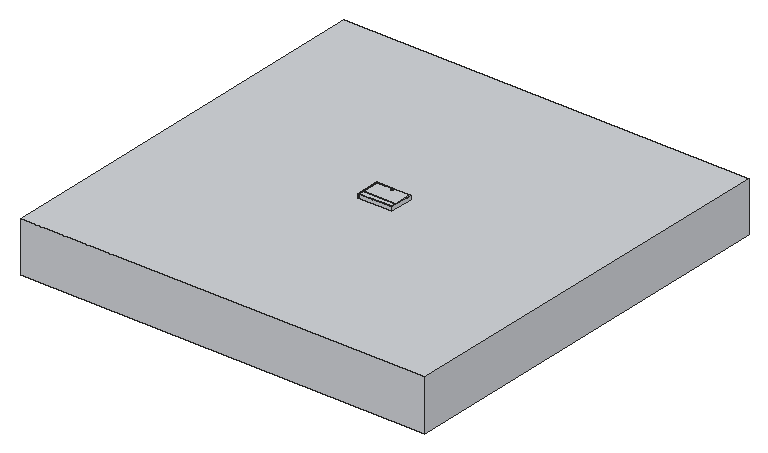
Revit family "BC_URMET_FC1719-1_LOD200", category Appareils de communication, Revit 2017
Family settings
  Hôte = Face
  Conserver l'orientation des annotations = Non
  Cote de connecteur circulaire = Utiliser le diamètre
  Type d'élément = Normal
  Numéro OmniClass = 23.85.50.14.21
  Titre OmniClass = Intercommunication Equipment
  Couper avec des vides une fois chargée = Non
  Partagée = Non
  Point de calcul de pièce = Non
Parameters (values of type "FC1719_1")
  Voyant coupure de sonnerie = yes
  Taille de l'écran  = "7\""
  Réglage du volume = yes
  Ouverture porte = yes
  Model = "FC1719_1"
  Longueur Hors Tout = 202 mm
  Largeur Hors Tout = 142 mm
  Fabricant = "URMET"
  Epaisseur Hors Tout = 23 mm
  Default Elevation = 1219.2 mm
  Description = "Ce moniteur vidéo couleur 7“” est conçu pour fonctionner avec le système d’interphonie bus 2 fils 2VOICE. Son utilisation est très agréable grâce à ces 4 touches affleurantes (muni d’un guide pour les malvoyants) et une touche mécanique centrale pour la prise de la communication. La fonction renvoi d’appel vers un smartphone est compatible avec l’ajout du module Callme 1083/58. De plus, il intègre 2 télécommandes domotiques YOKIS pour un contrôle d’éclairage, volet roulant ou autre (intégrable dans YNO pour une gestion de scénario complets). La fonction Mute peut également être utilisée en mode chronométré (désactivation automatiquement après 8 heures)."
  Type Comments = "FC1719_1"
  Code EAN = "8021156064120"
Reference planes
  plane 1 "Centre (avant/arrière)": y = 0
  plane 2: z = 0
  plane 3 "Centre (gauche/droite)": x = 0
  plane 4: y = 71
  plane 5: y = -71
  plane 6: x = -101
  plane 7: x = 101
  plane 8 "logo_bas": z = 22.1
  plane 9 "logo_haut": z = 23
Forms (mm)
  Extrusion 1, solid
    sketch origin (0, 0, 0) x (1, 0, 0) y (0, 1, 0)
      loop
        line (-1219.2, 1219.2) -> (-1219.2, -1219.2) -> (1219.2, -1219.2) -> (1219.2, 1219.2) -> (-1219.2, 1219.2)
    from 0 to -304.8
  Extrusion 2, solid
    sketch origin (0, 0, 0) x (1, 0, 0) y (0, 1, 0)
      loop
        line (-97.5, 67.5) -> (-97.5, -37.5) -> (97.5, -37.5) -> (97.5, 67.5) -> (-97.5, 67.5)
    from 0 to 23
  Extrusion 3, solid
    sketch origin (0, 0, 0) x (1, 0, 0) y (0, 1, 0)
      loop
        line (97.5, -67.5) -> (97.5, -38) -> (-97.5, -38) -> (-97.5, -67.5) -> (97.5, -67.5)
    from 0 to 23
  Sweep 4, solid
    path origin (0, 0, 0) x (1, 0, 0) y (0, 1, 0)
      loop
        line (-101, 71) -> (-101, -71) -> (101, -71) -> (101, 71) -> (-101, 71)
    profile origin (0, 71, 0) x (0, 1, 0) y (0, 0, 1)
      loop
        line (-3.5, 22) -> (-3.5, 0) -> (0, 0) -> (0, 22) -> (-3.5, 22)
  Extrusion 5, solid, material "Plastique Noir"
    sketch origin (0, 0, 22.1) x (-1, 0, 0) y (0, -1, 0)
      loop
        line (7.99, -61.432) -> (7.99, -57.913)
        arc (7.99, -57.913) -> (6.766, -56.689) -> (5.541, -57.913) r 1.224
        line (5.541, -57.913) -> (5.541, -61.432) -> (6.516, -61.432) -> (6.516, -57.905)
        arc (6.516, -57.905) -> (6.766, -57.655) -> (7.016, -57.905) r 0.25
        line (7.016, -57.905) -> (7.016, -61.432) -> (7.99, -61.432)
      loop
        line (3.336, -59.417) -> (2.388, -59.417) -> (2.388, -60.729)
        arc (2.388, -60.729) -> (2.556, -61.185) -> (2.979, -61.423) r 0.702
        arc (2.979, -61.423) -> (3.449, -61.377) -> (3.836, -61.106) r 0.931
        line (3.836, -61.106) -> (3.836, -60.217)
        arc (3.836, -60.217) -> (3.586, -60.467) -> (3.336, -60.217) r 0.25
        line (3.336, -60.217) -> (3.336, -59.417)
      loop
        line (-0.947, -56.732) -> (-1.895, -56.732) -> (-1.895, -60.729)
        arc (-1.895, -60.729) -> (-1.727, -61.185) -> (-1.304, -61.423) r 0.702
        arc (-1.304, -61.423) -> (-0.882, -61.369) -> (-0.556, -61.096) r 0.755
        line (-0.556, -61.096) -> (0.934, -60.442) -> (0.934, -61.432) -> (1.915, -61.432) -> (1.915, -56.732) -> (0.967, -56.732) -> (0.967, -60.217)
        arc (0.967, -60.217) -> (0.717, -60.467) -> (0.467, -60.217) r 0.25
        line (0.467, -60.217) -> (0.467, -56.732) -> (-0.447, -56.732) -> (-0.447, -60.217)
        arc (-0.447, -60.217) -> (-0.697, -60.467) -> (-0.947, -60.217) r 0.25
        line (-0.947, -60.217) -> (-0.947, -56.732)
      loop
        line (-5.541, -63.382) -> (-5.541, -62.582) -> (7.99, -62.582) -> (7.99, -61.782) -> (-5.541, -61.782) -> (-5.541, -57.913)
        arc (-5.541, -57.913) -> (-6.766, -56.689) -> (-7.99, -57.913) r 1.224
        line (-7.99, -57.913) -> (-7.99, -58.705) -> (-7.016, -58.705) -> (-7.016, -57.905)
        arc (-7.016, -57.905) -> (-6.766, -57.655) -> (-6.516, -57.905) r 0.25
        line (-6.516, -57.905) -> (-6.516, -61.782) -> (-7.99, -61.782) -> (-7.99, -62.582) -> (-6.516, -62.582) -> (-6.516, -63.382) -> (-5.541, -63.382)
      loop
        arc (-3.923, -57.905) -> (-3.673, -57.655) -> (-3.423, -57.905) r 0.25
        line (-3.423, -57.905) -> (-3.423, -58.898) -> (-4.399, -58.898)
        arc (-4.399, -58.898) -> (-4.752, -59.044) -> (-4.899, -59.398) r 0.5
        line (-4.899, -59.398) -> (-4.899, -60.207)
        arc (-4.899, -60.207) -> (-3.674, -61.432) -> (-2.449, -60.207) r 1.225
        line (-2.449, -60.207) -> (-2.449, -57.913)
        arc (-2.449, -57.913) -> (-3.673, -56.689) -> (-4.897, -57.913) r 1.224
        line (-4.897, -57.913) -> (-4.897, -58.705) -> (-3.923, -58.705) -> (-3.923, -57.905)
      loop
        arc (-3.423, -59.638) -> (-3.673, -59.388) -> (-3.923, -59.638) r 0.25
        line (-3.923, -59.638) -> (-3.923, -60.447)
        arc (-3.923, -60.447) -> (-3.673, -60.697) -> (-3.423, -60.447) r 0.25
        line (-3.423, -60.447) -> (-3.423, -59.638)
    from 0 to 1
  Extrusion 6, solid, material "Plastique Noir"
    sketch origin (-118.126, -167.37, 22.1) x (-1, 0, 0) y (0, -1, 0)
      loop
        arc (-118.682, -228.466) -> (-117.925, -228.801) -> (-117.193, -228.414) r 0.949
        line (-117.193, -228.414) -> (-116.615, -227.558) -> (-118.682, -228.466)
      loop
        line (-114.29, -228.802) -> (-113.295, -228.802) -> (-113.295, -224.059) -> (-114.29, -224.059) -> (-114.29, -228.802)
    from 0 to 1
Lines and regions (mm)
  model lines
    curve 1: line (-20.967, -56.183, 23) -> (-21.996, -56.183, 23)
    curve 2: line (-21.996, -56.183, 23) -> (-21.996, -55.265, 23)
    curve 3: line (-20.967, -54.831, 23) -> (-20.967, -53.133, 23)
    curve 4: arc (-21.996, -55.265, 23) -> (-21.52, -54.956, 23) -> (-20.967, -54.831, 23) r 1.612
    curve 5: arc (-20.967, -53.133, 23) -> (-20.24, -52.133, 23) -> (-19.065, -52.515, 23) r 1.051
    curve 6: line (-18.056, -51.782, 23) -> (-20.78, -57.624, 23)
    curve 7: line (-18.31, -53.554, 23) -> (-18.31, -54.589, 23)
    curve 8: line (-17.182, -56.064, 23) -> (-17.182, -55.233, 23)
    curve 9: line (-17.182, -56.064, 23) -> (-18.881, -56.064, 23)
    curve 10: line (-18.881, -56.064, 23) -> (-18.122, -57.148, 23)
    curve 11: arc (-17.182, -55.233, 23) -> (-17.657, -54.755, 23) -> (-18.31, -54.589, 23) r 1.262
    curve 12: line (2.471, -51.872, 23) -> (1.529, -51.872, 23)
    curve 13: line (1.008, -51.178, 23) -> (-0.1, -53.667, 23)
    curve 14: line (-0.1, -53.667, 23) -> (0.909, -53.667, 23)
    curve 15: line (0.909, -53.667, 23) -> (0.909, -54.76, 23)
    curve 16: line (0.909, -56.223, 23) -> (0.909, -57.215, 23)
    curve 17: line (0.909, -57.215, 23) -> (2.322, -57.215, 23)
    curve 18: arc (0.909, -56.223, 23) -> (1.641, -55.492, 23) -> (0.909, -54.76, 23) r 0.731
    curve 19: arc (-0.096, -54.753, 23) -> (-0.845, -55.502, 23) -> (-0.096, -56.251, 23) r 0.749
    curve 20: arc (-0.98, -53.847, 23) -> (-1.875, -55.475, 23) -> (-0.98, -57.103, 23) r 1.927
    curve 21: arc (-1.627, -53.06, 23) -> (-2.987, -55.403, 23) -> (-1.794, -57.835, 23) r 2.872
    curve 22: line (19.636, -53.422, 23) -> (19.636, -56.094, 23)
    curve 23: line (20.226, -52.979, 23) -> (20.226, -56.307, 23)
    curve 24: line (20.832, -52.635, 23) -> (20.832, -56.651, 23)
    curve 25: line (19.636, -54.758, 23) -> (20.832, -54.758, 23)
    curve 26: line (23.169, -53.422, 23) -> (23.169, -56.094, 23)
    curve 27: line (22.579, -52.979, 23) -> (22.579, -56.307, 23)
    curve 28: line (21.972, -52.635, 23) -> (21.972, -56.651, 23)
    curve 29: line (23.169, -54.758, 23) -> (21.972, -54.758, 23)
    curve 30: arc (17.701, -53.635, 23) -> (18.399, -52.632, 23) -> (18.298, -53.849, 23) r 0.633
    curve 31: line (18.298, -53.849, 23) -> (18.298, -56.307, 23)
    curve 32: line (18.298, -56.006, 23) -> (17.48, -56.006, 23)
    curve 33: line (18.298, -55.378, 23) -> (17.48, -55.378, 23)
    curve 34: arc (38.689, -55.427, 23) -> (37.244, -53.91, 23) -> (39.164, -54.749, 23) r 1.069
    curve 35: line (39.164, -54.749, 23) -> (43.067, -54.749, 23)
    curve 36: line (41.591, -54.749, 23) -> (41.591, -55.595, 23)
    curve 37: line (42.493, -54.749, 23) -> (42.493, -55.595, 23)
    curve 38: arc (-90.214, -26.66, 23) -> (-87.694, -24.037, 23) -> (-84.414, -25.611, 23) r 3.102
    curve 39: line (-84.541, -28.217, 23) -> (-87.4, -32.455, 23)
    curve 40: arc (-87.4, -32.455, 23) -> (-88.139, -32.808, 23) -> (-88.805, -32.332, 23) r 0.807
    curve 41: arc (-84.414, -25.611, 23) -> (-84.114, -26.932, 23) -> (-84.541, -28.217, 23) r 2.516
    curve 42: arc (-89.138, -26.669, 23) -> (-86.715, -25.184, 23) -> (-85.272, -27.632, 23) r 1.992
    curve 43: line (-83.698, -31.724, 23) -> (-82.166, -31.724, 23)
    curve 44: line (-82.932, -31.724, 23) -> (-82.932, -33.566, 23)
    curve 45: line (-57.481, -52.167, 23) -> (-81.904, -52.167, 23)
    curve 46: arc (-57.481, -56.673, 23) -> (-55.228, -54.42, 23) -> (-57.481, -52.167, 23) r 2.253
    curve 47: line (-81.904, -56.673, 23) -> (-57.481, -56.673, 23)
    curve 48: arc (-81.904, -52.167, 23) -> (-84.157, -54.42, 23) -> (-81.904, -56.673, 23) r 2.253
    curve 49: line (82.007, -52.167, 23) -> (57.584, -52.167, 23)
    curve 50: arc (82.007, -56.673, 23) -> (84.26, -54.42, 23) -> (82.007, -52.167, 23) r 2.253
    curve 51: line (57.584, -56.673, 23) -> (82.007, -56.673, 23)
    curve 52: arc (57.584, -52.167, 23) -> (55.331, -54.42, 23) -> (57.584, -56.673, 23) r 2.253
    curve 53: arc (83.335, -23.051, 23) -> (89.035, -28.751, 23) -> (94.735, -23.051, 23) r 5.7
    curve 54: arc (94.735, -23.051, 23) -> (89.035, -17.351, 23) -> (83.335, -23.051, 23) r 5.7
    curve 55: arc (90.035, -21.169, 23) -> (89.035, -22.169, 23) -> (88.035, -21.169, 23) r 1
    curve 56: arc (88.035, -21.169, 23) -> (89.035, -20.169, 23) -> (90.035, -21.169, 23) r 1
    curve 57: arc (88.035, -24.942, 23) -> (89.035, -23.942, 23) -> (90.035, -24.942, 23) r 1
    curve 58: arc (90.035, -24.942, 23) -> (89.035, -25.942, 23) -> (88.035, -24.942, 23) r 1
    curve 59: arc (94.735, -6.289, 23) -> (89.035, -0.589, 23) -> (83.335, -6.289, 23) r 5.7
    curve 60: arc (83.335, -6.289, 23) -> (89.035, -11.989, 23) -> (94.735, -6.289, 23) r 5.7
    curve 61: arc (88.185, -8.171, 23) -> (87.185, -9.171, 23) -> (86.185, -8.171, 23) r 1
    curve 62: arc (86.185, -8.171, 23) -> (87.185, -7.171, 23) -> (88.185, -8.171, 23) r 1
    curve 63: arc (88.185, -4.399, 23) -> (87.185, -5.399, 23) -> (86.185, -4.399, 23) r 1
    curve 64: arc (86.185, -4.399, 23) -> (87.185, -3.399, 23) -> (88.185, -4.399, 23) r 1
    curve 65: arc (89.885, -4.399, 23) -> (90.885, -3.399, 23) -> (91.885, -4.399, 23) r 1
    curve 66: arc (91.885, -4.399, 23) -> (90.885, -5.399, 23) -> (89.885, -4.399, 23) r 1
    curve 67: line (93.057, 36.61, 23) -> (85.013, 36.61, 23)
    curve 68: line (93.057, 31.95, 23) -> (93.057, 36.61, 23)
    curve 69: line (85.013, 31.95, 23) -> (93.057, 31.95, 23)
    curve 70: line (85.013, 36.61, 23) -> (85.013, 31.95, 23)
    curve 71: line (85.919, 36.187, 23) -> (92.168, 36.187, 23)
    curve 72: line (92.168, 36.187, 23) -> (89.018, 34.101, 23)
    curve 73: line (89.018, 34.101, 23) -> (85.919, 36.187, 23)
    curve 74: line (85.436, 36.002, 23) -> (89.022, 33.597, 23)
    curve 75: line (89.022, 33.597, 23) -> (92.636, 35.99, 23)
    curve 76: line (89.265, 23.899, 23) -> (85.491, 20.125, 23)
    curve 77: line (85.891, 19.96, 23) -> (89.265, 23.333, 23)
    curve 78: line (93.038, 20.125, 23) -> (89.265, 23.899, 23)
    curve 79: line (89.265, 23.333, 23) -> (92.638, 19.96, 23)
    curve 80: line (93.038, 17.017, 23) -> (93.038, 20.125, 23)
    curve 81: line (92.638, 19.96, 23) -> (92.638, 17.417, 23)
    curve 82: line (92.638, 17.417, 23) -> (85.891, 17.417, 23)
    curve 83: line (85.491, 17.017, 23) -> (93.038, 17.017, 23)
    curve 84: line (85.891, 17.417, 23) -> (85.891, 19.96, 23)
    curve 85: line (85.491, 20.125, 23) -> (85.491, 17.017, 23)
    curve 86: arc (26.027, -54.683, 23) -> (20.327, -48.983, 23) -> (14.627, -54.683, 23) r 5.7
    curve 87: arc (14.627, -54.683, 23) -> (20.327, -60.383, 23) -> (26.027, -54.683, 23) r 5.7
    curve 88: arc (46.027, -54.683, 23) -> (40.327, -48.983, 23) -> (34.627, -54.683, 23) r 5.7
    curve 89: arc (34.627, -54.683, 23) -> (40.327, -60.383, 23) -> (46.027, -54.683, 23) r 5.7
    curve 90: arc (5.715, -54.683, 23) -> (0.015, -48.983, 23) -> (-5.685, -54.683, 23) r 5.7
    curve 91: arc (-5.685, -54.683, 23) -> (0.015, -60.383, 23) -> (5.715, -54.683, 23) r 5.7
    curve 92: arc (-13.973, -54.683, 23) -> (-19.673, -48.983, 23) -> (-25.373, -54.683, 23) r 5.7
    curve 93: arc (-25.373, -54.683, 23) -> (-19.673, -60.383, 23) -> (-13.973, -54.683, 23) r 5.7
    curve 94: arc (-33.973, -54.683, 23) -> (-39.673, -48.983, 23) -> (-45.373, -54.683, 23) r 5.7
    curve 95: arc (-45.373, -54.683, 23) -> (-39.673, -60.383, 23) -> (-33.973, -54.683, 23) r 5.7
    curve 96: arc (-40.701, -54.722, 23) -> (-39.701, -53.722, 23) -> (-38.701, -54.722, 23) r 1
    curve 97: arc (-38.701, -54.722, 23) -> (-39.701, -55.722, 23) -> (-40.701, -54.722, 23) r 1
    curve 98: line (-90.191, -30.301, 23) -> (-92.494, -32.604, 23)
    curve 99: line (-92.494, -32.604, 23) -> (-92.494, -33.975, 23)
    curve 100: line (-92.494, -33.975, 23) -> (-91.235, -33.975, 23)
    curve 101: line (-91.235, -33.975, 23) -> (-88.876, -31.615, 23)
    curve 102: line (-88.876, -31.615, 23) -> (-90.191, -30.301, 23)
    curve 103: line (-84.239, -24.349, 23) -> (-83.075, -23.185, 23)
    curve 104: line (-83.075, -23.185, 23) -> (-81.6, -23.185, 23)
    curve 105: line (-81.6, -23.185, 23) -> (-81.6, -24.339, 23)
    curve 106: line (-81.6, -24.339, 23) -> (-83.384, -26.123, 23)
    curve 107: arc (-84.239, -24.349, 23) -> (-83.537, -25.104, 23) -> (-83.384, -26.123, 23) r 1.744
    curve 108: line (-80.571, 52.571, 22.1) -> (80.571, 52.571, 22.1)
    curve 109: line (-80.571, -22.571, 22.1) -> (-80.571, 52.571, 22.1)
    curve 110: line (80.571, -22.571, 22.1) -> (-80.571, -22.571, 22.1)
    curve 111: line (80.571, 52.571, 22.1) -> (80.571, -22.571, 22.1)
    curve 112: line (-80.571, 52.571, 23) -> (80.571, 52.571, 23)
    curve 113: line (-80.571, -22.571, 23) -> (-80.571, 52.571, 23)
    curve 114: line (80.571, -22.571, 23) -> (-80.571, -22.571, 23)
    curve 115: line (80.571, 52.571, 23) -> (80.571, -22.571, 23)
Dimensions and locks
  equal spacing: plane 4, plane 1 "Centre (avant/arrière)", plane 5
  "Largeur Hors Tout": plane 4 to plane 5
  equal spacing: plane 6, plane 3 "Centre (gauche/droite)", plane 7
  "Longueur Hors Tout": plane 6 to plane 7
  plane 8 "logo_bas" to plane 2 = 22.1 mm
  aligned and locked: plane 2 to Extrusion 1
  aligned and locked: level to Extrusion 1
Automatic sketch dimensions
  Extrusion 1 sketch curve to Extrusion 1 sketch curve = 2438.4 mm  (x2)
  plane 6 to Extrusion 2 sketch curve = 3.5 mm
  plane 5 to Extrusion 2 sketch curve = 33.5 mm
  plane 6 to Extrusion 3 sketch curve = 3.5 mm
  Sweep 4 sketch curve to level = 0 mm
  Sweep 4 sketch curve to Sweep 4 sketch curve = 3.5 mm
  plane 3 "Centre (gauche/droite)" to Extrusion 5 sketch curve = 7.99 mm
  Extrusion 5 sketch curve to Extrusion 5 sketch curve = 0 mm  (x10)
  Extrusion 5 sketch curve to Extrusion 5 sketch curve = 0.974 mm  (x3)
  Extrusion 5 sketch curve to Extrusion 5 sketch curve = 0.25 mm  (x5)
  Extrusion 5 sketch curve to Extrusion 5 sketch curve = 0.643 mm
  Extrusion 5 sketch curve to Extrusion 5 sketch curve = 0.001 mm  (x2)
  Extrusion 5 sketch curve to Extrusion 5 sketch curve = 0.5 mm
  Extrusion 5 sketch curve to Extrusion 5 sketch curve = 0.975 mm
  Extrusion 5 sketch curve to Extrusion 5 sketch curve = 0.475 mm
  Extrusion 5 sketch curve to Extrusion 5 sketch curve = 0.249 mm
  Extrusion 5 sketch curve to Extrusion 5 sketch curve = 0.553 mm
  Extrusion 5 sketch curve to Extrusion 5 sketch curve = 0.702 mm  (x2)
  Extrusion 5 sketch curve to Extrusion 5 sketch curve = 0.008 mm
  Extrusion 5 sketch curve to Extrusion 5 sketch curve = 0.238 mm
  plane 3 "Centre (gauche/droite)" to Extrusion 5 sketch curve = 0.556 mm
  Extrusion 5 sketch curve to plane 3 "Centre (gauche/droite)" = 0.467 mm
  Extrusion 5 sketch curve to plane 3 "Centre (gauche/droite)" = 0.934 mm
  Extrusion 5 sketch curve to Extrusion 5 sketch curve = 0.982 mm
  Extrusion 5 sketch curve to Extrusion 5 sketch curve = 1.421 mm
  Extrusion 5 sketch curve to Extrusion 5 sketch curve = 0.036 mm
  Extrusion 5 sketch curve to Extrusion 5 sketch curve = 0.21 mm
  Extrusion 5 sketch curve to Extrusion 5 sketch curve = 1.705 mm
  Extrusion 5 sketch curve to plane 4 = 7.618 mm
  Extrusion 5 sketch curve to Extrusion 5 sketch curve = 0.8 mm  (x5)
  Extrusion 5 sketch curve to Extrusion 5 sketch curve = 0.35 mm
  Extrusion 5 sketch curve to Extrusion 5 sketch curve = 0.326 mm
  Extrusion 5 sketch curve to Extrusion 5 sketch curve = 0.336 mm
  Extrusion 5 sketch curve to Extrusion 5 sketch curve = 0.367 mm
  Extrusion 5 sketch curve to Extrusion 5 sketch curve = 0.376 mm
  Extrusion 5 sketch curve to Extrusion 5 sketch curve = 0.052 mm
  Extrusion 5 sketch curve to Extrusion 5 sketch curve = 0.226 mm
  Extrusion 5 sketch curve to Extrusion 5 sketch curve = 0.282 mm
  Extrusion 5 sketch curve to Extrusion 5 sketch curve = 0.99 mm
  Extrusion 5 sketch curve to Extrusion 5 sketch curve = 0.287 mm
  Extrusion 5 sketch curve to Extrusion 5 sketch curve = 0.225 mm
  Extrusion 5 sketch curve to Extrusion 5 sketch curve = 0.461 mm
  Extrusion 5 sketch curve to Extrusion 5 sketch curve = 0.24 mm
  Extrusion 5 sketch curve to Extrusion 5 sketch curve = 0.569 mm
  Extrusion 5 sketch curve to Extrusion 5 sketch curve = 0.809 mm
  Extrusion 5 sketch curve to Extrusion 5 sketch curve = 0.193 mm
  Extrusion 5 sketch curve to Extrusion 5 sketch curve = 3.077 mm
  Extrusion 5 sketch curve to Extrusion 5 sketch curve = 3.519 mm
  Extrusion 5 sketch curve to Extrusion 5 sketch curve = 0.985 mm
  Extrusion 5 sketch curve to Extrusion 5 sketch curve = 0.791 mm
  Extrusion 5 sketch curve to Extrusion 5 sketch curve = 0.009 mm  (x3)
  Extrusion 5 sketch curve to Extrusion 5 sketch curve = 2.684 mm
  plane 3 "Centre (gauche/droite)" to Extrusion 6 sketch curve = 0.556 mm
  Extrusion 6 sketch curve to plane 3 "Centre (gauche/droite)" = 0.168 mm
  Extrusion 6 sketch curve to plane 3 "Centre (gauche/droite)" = 0.934 mm
  Extrusion 6 sketch curve to Extrusion 6 sketch curve = 0.578 mm
  Extrusion 6 sketch curve to Extrusion 6 sketch curve = 2.325 mm
  Extrusion 6 sketch curve to Extrusion 6 sketch curve = 0.995 mm
  Extrusion 6 sketch curve to plane 4 = 9.568 mm
  Extrusion 6 sketch curve to Extrusion 6 sketch curve = 0.336 mm
  Extrusion 6 sketch curve to Extrusion 6 sketch curve = 0.052 mm
  Extrusion 6 sketch curve to Extrusion 6 sketch curve = 0.856 mm
  Extrusion 6 sketch curve to Extrusion 6 sketch curve = 3.499 mm
  Sweep 4 sketch curve to plane 4 = 0 mm
  Sweep 4 sketch curve to plane 6 = 0 mm
  Sweep 4 sketch curve to plane 7 = 0 mm
  Sweep 4 sketch curve to plane 5 = 0 mm
  Sweep 4 sketch curve to profile plane = 0 mm
  level to Sweep 4 sketch curve = 22 mm
  Extrusion 2 sketch curve to plane 7 = 3.5 mm
  Extrusion 2 sketch curve to plane 4 = 3.5 mm
  Extrusion 3 sketch curve to plane 7 = 3.5 mm
  plane 5 to Extrusion 3 sketch curve = 3.5 mm
  Extrusion 3 sketch curve to Extrusion 3 sketch curve = 29.5 mm
  curve 68 to plane 7 = 7.943 mm
  curve 78 to plane 7 = 7.962 mm
  curve 80 to curve 82 = 0.4 mm
  curve 67 to curve 71 = 0.889 mm
  plane 1 "Centre (avant/arrière)" to curve 65 = 4.399 mm
  curve 65 to plane 7 = 10.115 mm
  curve 79 to curve 77 = 3.373 mm
  curve 78 to curve 77 = 0 mm
  curve 53 to plane 7 = 11.965 mm
  curve 55 to curve 53 = 0 mm
  curve 58 to curve 53 = 0 mm
  curve 66 to curve 60 = 1.85 mm
  curve 71 to curve 74 = 3.146 mm
  curve 74 to curve 72 = 0.005 mm
  curve 59 to curve 62 = 1.85 mm
  curve 59 to curve 64 = 1.85 mm
  curve 72 to curve 71 = 3.099 mm
  curve 77 to curve 84 = 3.373 mm
  curve 82 to curve 83 = 0.4 mm
  curve 71 to curve 70 = 0.905 mm
  curve 50 to plane 7 = 18.993 mm
  curve 50 to curve 52 = 24.423 mm
  curve 52 to curve 88 = 17.257 mm
  curve 89 to curve 35 = 1.164 mm
  curve 34 to curve 34 = 1.045 mm
  curve 34 to curve 86 = 17.792 mm
  curve 86 to curve 31 = 2.029 mm
  curve 31 to curve 30 = 0.113 mm
  plane 3 "Centre (gauche/droite)" to curve 14 = 0.909 mm
  plane 3 "Centre (gauche/droite)" to curve 20 = 0.052 mm
  plane 3 "Centre (gauche/droite)" to curve 90 = 0.015 mm
  curve 19 to plane 3 "Centre (gauche/droite)" = 0.096 mm
  curve 14 to plane 3 "Centre (gauche/droite)" = 0.1 mm
  curve 19 to curve 21 = 0.021 mm
  curve 21 to curve 8 = 17.065 mm
  curve 8 to curve 11 = 1.101 mm
  curve 11 to curve 7 = 0.027 mm
  curve 11 to curve 10 = 0.597 mm
  curve 7 to curve 93 = 1.362 mm
  curve 92 to curve 5 = 0.243 mm
  curve 9 to curve 4 = 2.013 mm
  curve 5 to curve 3 = 1.051 mm
  curve 4 to curve 1 = 1.102 mm
  curve 2 to curve 94 = 17.677 mm
  curve 94 to curve 97 = 0.029 mm
  curve 96 to curve 47 = 17.779 mm
  plane 6 to curve 105 = 19.4 mm
  plane 6 to curve 48 = 19.096 mm
  curve 104 to curve 104 = 1.476 mm
  curve 105 to curve 39 = 2.941 mm
  curve 39 to curve 107 = 0.567 mm
  curve 107 to curve 41 = 1.519 mm
  curve 41 to curve 38 = 0.516 mm
  curve 38 to curve 42 = 0.055 mm
  curve 41 to curve 39 = 2.859 mm
  curve 39 to curve 40 = 0.669 mm
  curve 40 to curve 102 = 0.808 mm
  curve 101 to curve 102 = 1.315 mm
  curve 101 to curve 101 = 2.359 mm
  curve 100 to curve 99 = 1.259 mm
  curve 64 to curve 65 = 0 mm
  curve 85 to plane 1 "Centre (avant/arrière)" = 17.017 mm
  curve 82 to curve 80 = 0.4 mm
  curve 79 to curve 81 = 2.542 mm
  curve 77 to curve 82 = 2.542 mm
  curve 76 to curve 77 = 0.166 mm
  curve 80 to curve 79 = 0.166 mm
  curve 70 to curve 76 = 8.051 mm
  curve 75 to curve 69 = 1.647 mm
  curve 73 to curve 74 = 0.504 mm
  curve 71 to curve 72 = 2.087 mm
  curve 70 to curve 71 = 0.423 mm
  curve 66 to curve 59 = 1.891 mm
  curve 59 to curve 62 = 1.882 mm
  curve 61 to curve 56 = 12.997 mm
  curve 55 to curve 54 = 1.882 mm
  plane 1 "Centre (avant/arrière)" to curve 104 = 23.185 mm
  curve 104 to curve 106 = 1.154 mm
  curve 53 to curve 58 = 1.891 mm
  curve 103 to curve 107 = 2.676 mm
  curve 107 to curve 41 = 0.949 mm
  curve 41 to curve 38 = 0.279 mm
  curve 38 to curve 42 = 0.028 mm
  curve 107 to curve 39 = 2.355 mm
  curve 42 to curve 98 = 3.183 mm
  curve 98 to curve 102 = 1.315 mm
  curve 101 to curve 40 = 0.389 mm
  curve 40 to curve 39 = 0.451 mm
  plane 5 to curve 45 = 18.833 mm
  plane 5 to curve 49 = 18.833 mm
  plane 5 to curve 3 = 17.867 mm
  plane 5 to curve 30 = 17.773 mm
  plane 5 to curve 13 = 17.333 mm
  curve 30 to curve 31 = 0.622 mm
  curve 45 to curve 48 = 2.253 mm
  curve 49 to curve 52 = 2.253 mm
  plane 5 to curve 34 = 16.477 mm
  curve 5 to curve 7 = 1.455 mm
  curve 13 to curve 91 = 1.016 mm
  curve 7 to curve 92 = 0.094 mm
  curve 34 to curve 89 = 0.16 mm
  curve 30 to curve 87 = 0.834 mm
  curve 94 to curve 92 = 0 mm
  curve 94 to curve 96 = 0.039 mm
  curve 34 to curve 35 = 0.226 mm
  curve 90 to curve 15 = 0.077 mm
  curve 92 to curve 3 = 0.149 mm
  curve 7 to curve 8 = 0.645 mm
  curve 4 to curve 2 = 0.434 mm
  curve 90 to curve 20 = 0.792 mm
  curve 15 to curve 18 = 0.731 mm
  curve 20 to curve 19 = 0.027 mm
  curve 19 to curve 21 = 0.001 mm
  curve 11 to curve 9 = 0.213 mm
  curve 4 to curve 2 = 0.917 mm
  curve 16 to curve 17 = 0.992 mm
  curve 60 to curve 66 = 3.85 mm
  curve 54 to curve 53 = 5.7 mm
  curve 75 to curve 71 = 0.468 mm
  curve 65 to curve 65 = 1 mm
  curve 55 to curve 55 = 1 mm
  curve 57 to curve 57 = 1 mm
  curve 64 to curve 63 = 1 mm
  curve 62 to curve 61 = 1 mm
  curve 71 to curve 74 = 0.483 mm
  curve 88 to curve 88 = 5.7 mm
  curve 35 to curve 88 = 2.739 mm
  curve 35 to curve 37 = 0.574 mm
  curve 37 to curve 36 = 0.902 mm
  curve 35 to curve 34 = 0.475 mm
  curve 87 to curve 87 = 5.7 mm
  curve 29 to curve 87 = 2.842 mm
  curve 26 to curve 27 = 0.59 mm
  curve 27 to curve 28 = 0.607 mm
  curve 28 to curve 24 = 1.14 mm
  curve 24 to curve 23 = 0.607 mm
  curve 23 to curve 22 = 0.59 mm
  curve 30 to curve 30 = 0.484 mm
  curve 33 to curve 33 = 0.818 mm
  curve 32 to curve 33 = 0 mm
  curve 91 to curve 18 = 4.806 mm
  curve 12 to curve 14 = 1.562 mm
  curve 17 to curve 16 = 1.413 mm
  curve 12 to curve 12 = 0.942 mm
  curve 12 to curve 13 = 0.521 mm
  curve 13 to curve 20 = 0.88 mm
  curve 20 to plane 3 "Centre (gauche/droite)" = 0.98 mm
  curve 20 to curve 21 = 0.647 mm
  curve 20 to curve 21 = 0.814 mm
  curve 92 to curve 11 = 3.209 mm
  curve 6 to curve 7 = 0.255 mm
  curve 10 to curve 11 = 0.162 mm
  curve 5 to curve 5 = 0.85 mm
  curve 6 to curve 4 = 0.114 mm
  curve 4 to curve 1 = 0.073 mm
  curve 94 to curve 94 = 5.7 mm
  curve 96 to curve 94 = 0.971 mm
  curve 43 to curve 41 = 2.375 mm
  curve 43 to curve 44 = 0.766 mm
  curve 106 to curve 41 = 1.031 mm
  curve 44 to curve 43 = 0.766 mm
  curve 103 to curve 41 = 0.175 mm
  curve 38 to curve 41 = 0 mm
  curve 39 to curve 42 = 0.732 mm
  curve 40 to curve 101 = 0.071 mm
  curve 42 to curve 42 = 1.941 mm
  curve 42 to curve 38 = 1.076 mm
  curve 71 to curve 75 = 0.197 mm
  curve 71 to curve 74 = 0.185 mm
  curve 103 to curve 41 = 1.262 mm
  curve 38 to curve 42 = 0.008 mm
  curve 41 to curve 43 = 3.508 mm
  curve 44 to curve 44 = 1.842 mm
  curve 13 to curve 14 = 2.49 mm
  curve 6 to curve 5 = 0.733 mm
  curve 13 to curve 12 = 0.694 mm
  curve 28 to curve 87 = 2.048 mm
  curve 24 to curve 28 = 0 mm
  curve 24 to curve 23 = 0.344 mm
  curve 28 to curve 27 = 0.344 mm
  curve 21 to curve 13 = 0.607 mm
  curve 27 to curve 26 = 0.443 mm
  curve 23 to curve 22 = 0.443 mm
  curve 7 to curve 7 = 1.035 mm
  curve 13 to curve 20 = 0.18 mm
  curve 90 to curve 19 = 0.07 mm
  curve 87 to curve 25 = 0.075 mm
  curve 26 to curve 29 = 1.336 mm
  curve 30 to curve 33 = 1.529 mm
  curve 37 to curve 37 = 0.846 mm
  curve 36 to curve 36 = 0.846 mm
  curve 33 to curve 32 = 0.628 mm
  curve 25 to curve 22 = 1.336 mm
  curve 29 to curve 26 = 1.336 mm
  curve 22 to curve 23 = 0.213 mm
  curve 32 to curve 31 = 0.301 mm
  curve 26 to curve 27 = 0.213 mm
  curve 27 to curve 28 = 0.344 mm
  curve 23 to curve 24 = 0.344 mm
  curve 11 to curve 10 = 1.297 mm
  curve 4 to curve 6 = 1.183 mm
  plane 6 to curve 109 = 20.429 mm
  curve 108 to plane 4 = 18.429 mm
  plane 1 "Centre (avant/arrière)" to curve 110 = 22.571 mm
  curve 111 to plane 7 = 20.429 mm
  curve 54 to curve 114 = 2.765 mm
  curve 113 to curve 104 = 1.029 mm
  curve 112 to curve 67 = 15.961 mm
  curve 113 to curve 104 = 0.615 mm
Connectors
  electrical at (0, 0, 0)
    settings: on Sweep 4, index 1, voltage 0 V, apparent load 0 VA, apparent load phase1 0 VA, apparent load phase2 0 VA, apparent load phase3 0 VA, power factor 1, load classification "Autre", number of poles 1, system type 31, power factor state 1, is connector primary yes, connector utility no, sub classification motor no, connector description ""
  electrical at (0, 0, 22)
    settings: on Sweep 4, index 2, voltage 0 V, apparent load 0 VA, apparent load phase1 0 VA, apparent load phase2 0 VA, apparent load phase3 0 VA, power factor 1, load classification "Autre", number of poles 1, system type 14, power factor state 1, is connector primary no, connector utility no, sub classification motor no, connector description ""
